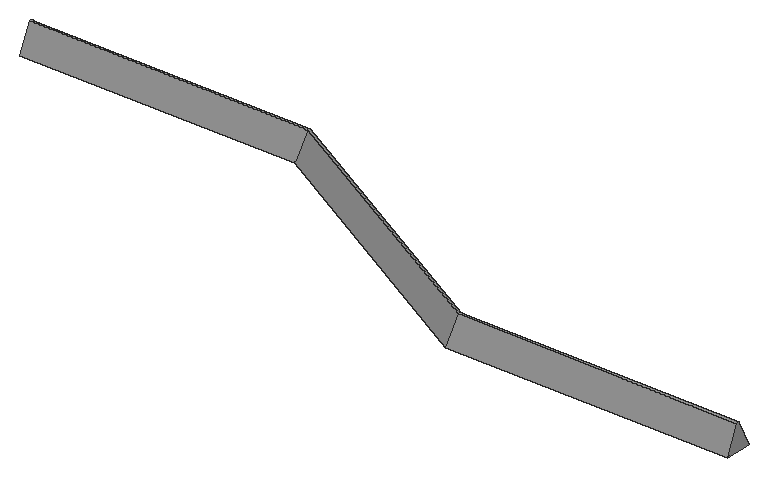
Revit family "Armeret_BetonZig-Zag_25mm_p_i_t_1131090", category Generic Models, Revit 2019
Family settings
  Can host rebar = No
  Round Connector Dimension = Use Diameter
  Part Type = Normal
  Work Plane-Based = Yes
  Always vertical = No
  Cut with Voids When Loaded = No
  Shared = No
  Room Calculation Point = No
Parameters (values of type "25 mm")
  concrete = Concrete
  Website Link = "https://haucon.dk/produkt/armeret-beton-zig-zag/#variations"
  Total Length = 800 mm
  Technical Data Sheet = "https://haucon.dk/wp-content/uploads/2016/04/1131090-Beton-zig-zag-TDS-DK.pdf"
  Default Elevation = 1219.2 mm
  Armerment width = 25 mm
  Armerment Height = Armerment width  # 25 mm
Types (13, lengths in mm): name | Armerment width | Armerment Height
  35 mm | 35 | 35
  55 mm | 55 | 55
  40 mm | 40 | 40
  45 mm | 45 | 45
  50 mm | 50 | 50
  60 mm | 60 | 60
  25 mm | 25 | 25
  30 mm | 30 | 30
  70 mm | 70 | 70
  75 mm | 75 | 75
  80 mm | 80 | 80
  90 mm | 90 | 90
  100 mm | 100 | 100
Reference planes
  plane 1 "Center (Front/Back)": y = 0
  plane 2: z = 0
  plane 3 "Center (Left/Right)": x = 0
  plane 4: y = 12.5
  plane 5: y = -12.5
  plane 6: z = 25
  plane 7: x = 266.667
  plane 8: x = 533.333
  plane 9: x = 800
Forms (mm)
  Sweep 1, solid, material "Concrete" <- "concrete"
    path origin (135, 0, 0) x (1, 0, 0) y (0, 1, 0)
      loop
        line (-135, 0) -> (132.554, 0) -> (397.446, -149.776) -> (665, -149.776)
    profile origin (133.777, 0, 0) x (0, 1, 0) y (0, 0, 1)
      loop
        line (12.5, 0) -> (0.856, 24.544)
        arc (0.856, 24.544) -> (0, 24.98) -> (-0.856, 24.544) r 1.059
        line (-0.856, 24.544) -> (-12.5, 0) -> (12.5, 0)
Dimensions and locks
  equal spacing: plane 4, plane 1 "Center (Front/Back)", plane 5
  "Armerment width": plane 4 to plane 5
  "Armerment Height": level to plane 6
  "Total Length": plane 3 "Center (Left/Right)" to plane 9
  equal spacing: plane 3 "Center (Left/Right)", plane 7, plane 8, plane 9
  aligned and locked: level to plane 2
  aligned and locked: level to Sweep 1 sketch curve
  aligned and locked: plane 3 "Center (Left/Right)" to Sweep 1
  aligned and locked: plane 9 to Sweep 1 sketch curve
Automatic sketch dimensions
  plane 1 "Center (Front/Back)" to Sweep 1 sketch curve = 0 mm
  Sweep 1 sketch curve to plane 3 "Center (Left/Right)" = 0 mm
  Sweep 1 sketch curve to plane 7 = 0.887 mm
  plane 8 to Sweep 1 sketch curve = 0.887 mm
  plane 1 "Center (Front/Back)" to Sweep 1 sketch curve = 149.776 mm
  Sweep 1 sketch curve to plane 5 = 0 mm
  Sweep 1 sketch curve to profile plane = 0 mm
  Sweep 1 sketch curve to plane 4 = 0 mm
  plane 6 to Sweep 1 sketch curve = 0.456 mm  (x2)
  profile plane to Sweep 1 sketch curve = 0.856 mm
  Sweep 1 sketch curve to Sweep 1 sketch curve = 0.623 mm
